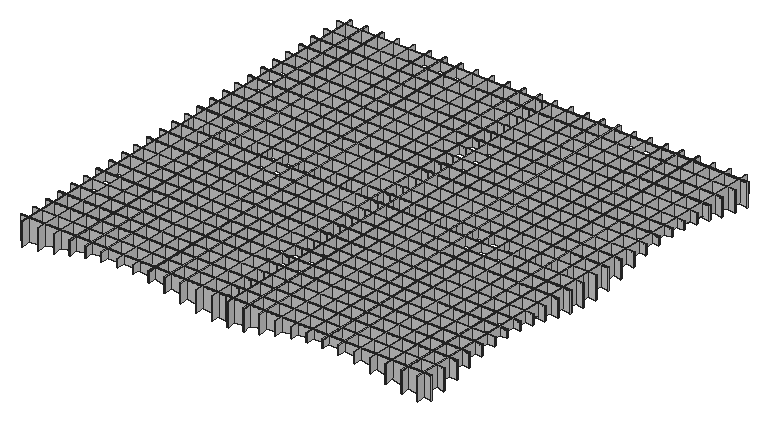
Revit family "CLD-WFL-002_RFA", category Modelos genéricos, Revit 2022 (continued)
Forms (in)
  Extrusion 301, solid
    sketch origin (108, 20.52778, 0) x (1, 0, 0) y (0, 0, 1)
      loop
        spline (103.61778, 3.27954) -> (103.98302, 3.22342) -> (104.34828, 3.16655) -> (104.71355, 3.10893) -> (105.07882, 3.05057) -> (105.44409, 2.99146) -> (105.80934, 2.93162) -> (106.17456, 2.87105) -> (106.53976, 2.80974) -> (106.9049, 2.74771) -> (107.27, 2.68496) -> (107.63504, 2.62148) -> (108, 2.55729)
        line (108, 2.55729) -> (108, 11.82144)
    from -0.47244 to 0
  Extrusion 302, solid
    sketch origin (108, 28.71867, 0) x (1, 0, 0) y (0, 0, 1)
      loop
        line (108, 11.82144) -> (0, 11.82144) -> (0, 4.58891)
        spline (0, 4.58891) -> (0.32561, 4.62796) -> (0.65129, 4.66617) -> (0.97702, 4.70353) -> (1.3028, 4.74004) -> (1.62862, 4.77569) -> (1.95447, 4.81048) -> (2.28035, 4.84439) -> (2.60624, 4.87743) -> (2.93213, 4.90957) -> (3.25803, 4.94083) -> (3.58391, 4.97119) -> (3.90978, 5.00064)
        spline (3.90978, 5.00064) -> (4.64427, 5.06081) -> (5.37851, 5.11675) -> (6.11244, 5.16838) -> (6.84597, 5.21566) -> (7.57904, 5.25851) -> (8.31157, 5.29688) -> (9.04348, 5.33072) -> (9.7747, 5.35995) -> (10.50516, 5.38452) -> (11.23478, 5.40437) -> (11.96349, 5.41944) -> (12.69122, 5.42966)
        spline (12.69122, 5.42966) -> (13.34952, 5.43128) -> (14.00673, 5.42829) -> (14.66285, 5.42076) -> (15.31792, 5.40886) -> (15.97202, 5.39278) -> (16.62518, 5.37269) -> (17.27747, 5.34877) -> (17.92894, 5.32119) -> (18.57965, 5.29014) -> (19.22966, 5.2558) -> (19.87902, 5.21833) -> (20.52778, 5.17793)
        spline (20.52778, 5.17793) -> (21.26115, 5.12722) -> (21.99402, 5.0737) -> (22.72645, 5.01759) -> (23.45851, 4.95908) -> (24.19025, 4.89838) -> (24.92176, 4.8357) -> (25.65308, 4.77124) -> (26.38429, 4.70521) -> (27.11544, 4.63782) -> (27.84661, 4.56926) -> (28.57785, 4.49975) -> (29.30922, 4.42949)
        spline (29.30922, 4.42949) -> (29.95995, 4.366) -> (30.61094, 4.30234) -> (31.26223, 4.2387) -> (31.91387, 4.17525) -> (32.56591, 4.11218) -> (33.21841, 4.04966) -> (33.87141, 3.98789) -> (34.52497, 3.92703) -> (35.17914, 3.86728) -> (35.83396, 3.80881) -> (36.48949, 3.75181) -> (37.14578, 3.69645)
        spline (37.14578, 3.69645) -> (37.87194, 3.63892) -> (38.59907, 3.58371) -> (39.32723, 3.53102) -> (40.05647, 3.48105) -> (40.78684, 3.43397) -> (41.51831, 3.38979) -> (42.25083, 3.34845) -> (42.98434, 3.30989) -> (43.7188, 3.27405) -> (44.45413, 3.24086) -> (45.19029, 3.21027) -> (45.92722, 3.18221)
        spline (45.92722, 3.18221) -> (46.57816, 3.16116) -> (47.22964, 3.14217) -> (47.88162, 3.12519) -> (48.53404, 3.11017) -> (49.18687, 3.09705) -> (49.84004, 3.08579) -> (50.49352, 3.07632) -> (51.14725, 3.06859) -> (51.80119, 3.06255) -> (52.45529, 3.05816) -> (53.1095, 3.05535) -> (53.76378, 3.05407)
        spline (53.76378, 3.05407) -> (54.49695, 3.0556) -> (55.23004, 3.05885) -> (55.96301, 3.06387) -> (56.6958, 3.07073) -> (57.42836, 3.07948) -> (58.16062, 3.09019) -> (58.89255, 3.10292) -> (59.62409, 3.11771) -> (60.35517, 3.13464) -> (61.08576, 3.15376) -> (61.81579, 3.17514) -> (62.54522, 3.19882)
        spline (62.54522, 3.19882) -> (63.20286, 3.22386) -> (63.85981, 3.25117) -> (64.51602, 3.28078) -> (65.17144, 3.31277) -> (65.82603, 3.34719) -> (66.47973, 3.38408) -> (67.1325, 3.42351) -> (67.78428, 3.46553) -> (68.43505, 3.51013) -> (69.08486, 3.55715) -> (69.73376, 3.60642) -> (70.38178, 3.65777)
        spline (70.38178, 3.65777) -> (71.1172, 3.71948) -> (71.85176, 3.78304) -> (72.58554, 3.84824) -> (73.31858, 3.91488) -> (74.05094, 3.98275) -> (74.78268, 4.05166) -> (75.51385, 4.12139) -> (76.24452, 4.19176) -> (76.97473, 4.26254) -> (77.70455, 4.33354) -> (78.43403, 4.40456) -> (79.16322, 4.47539)
        spline (79.16322, 4.47539) -> (79.80403, 4.53723) -> (80.44473, 4.59841) -> (81.08536, 4.65876) -> (81.72599, 4.7181) -> (82.36666, 4.77623) -> (83.00743, 4.83299) -> (83.64836, 4.88819) -> (84.28951, 4.94166) -> (84.93093, 4.9932) -> (85.57267, 5.04265) -> (86.21481, 5.08982) -> (86.85738, 5.13453)
        spline (86.85738, 5.13453) -> (87.59614, 5.18092) -> (88.33559, 5.22395) -> (89.07577, 5.26344) -> (89.81676, 5.29917) -> (90.55862, 5.33094) -> (91.30141, 5.35856) -> (92.04519, 5.38181) -> (92.79004, 5.4005) -> (93.53601, 5.41442) -> (94.28316, 5.42338) -> (95.03157, 5.42716) -> (95.78122, 5.4257)
        spline (95.78122, 5.4257) -> (96.43065, 5.41648) -> (97.08095, 5.40294) -> (97.73207, 5.38513) -> (98.38393, 5.36311) -> (99.03648, 5.33693) -> (99.68963, 5.30665) -> (100.34334, 5.27231) -> (100.99753, 5.23398) -> (101.65213, 5.19169) -> (102.30709, 5.14552) -> (102.96233, 5.09551) -> (103.61778, 5.04172)
        spline (103.61778, 5.04172) -> (103.98301, 5.00943) -> (104.34827, 4.97613) -> (104.71354, 4.94182) -> (105.07881, 4.90651) -> (105.44407, 4.8702) -> (105.80932, 4.83291) -> (106.17455, 4.79465) -> (106.53974, 4.75541) -> (106.90489, 4.71521) -> (107.26999, 4.67406) -> (107.63503, 4.63196) -> (108, 4.58891)
        line (108, 4.58891) -> (108, 11.82144)
    from -0.11811 to 0
  Extrusion 303, solid
    sketch origin (108, 28.83678, 0) x (1, 0, 0) y (0, 0, 1)
      loop
        line (108, 11.82144) -> (0, 11.82144) -> (0, 4.58891)
        spline (0, 4.58891) -> (0.32561, 4.62796) -> (0.65129, 4.66617) -> (0.97702, 4.70353) -> (1.3028, 4.74004) -> (1.62862, 4.77569) -> (1.95447, 4.81048) -> (2.28035, 4.84439) -> (2.60624, 4.87743) -> (2.93213, 4.90957) -> (3.25803, 4.94083) -> (3.58391, 4.97119) -> (3.90978, 5.00064)
        spline (3.90978, 5.00064) -> (4.64427, 5.06081) -> (5.37851, 5.11675) -> (6.11244, 5.16838) -> (6.84597, 5.21566) -> (7.57904, 5.25851) -> (8.31157, 5.29688) -> (9.04348, 5.33072) -> (9.7747, 5.35995) -> (10.50516, 5.38452) -> (11.23478, 5.40437) -> (11.96349, 5.41944) -> (12.69122, 5.42966)
        spline (12.69122, 5.42966) -> (13.34952, 5.43128) -> (14.00673, 5.42829) -> (14.66285, 5.42076) -> (15.31792, 5.40886) -> (15.97202, 5.39278) -> (16.62518, 5.37269) -> (17.27747, 5.34877) -> (17.92894, 5.32119) -> (18.57965, 5.29014) -> (19.22966, 5.2558) -> (19.87902, 5.21833) -> (20.52778, 5.17793)
        spline (20.52778, 5.17793) -> (21.26115, 5.12722) -> (21.99402, 5.0737) -> (22.72645, 5.01759) -> (23.45851, 4.95908) -> (24.19025, 4.89838) -> (24.92176, 4.8357) -> (25.65308, 4.77124) -> (26.38429, 4.70521) -> (27.11544, 4.63782) -> (27.84661, 4.56926) -> (28.57785, 4.49975) -> (29.30922, 4.42949)
        spline (29.30922, 4.42949) -> (29.95995, 4.366) -> (30.61094, 4.30234) -> (31.26223, 4.2387) -> (31.91387, 4.17525) -> (32.56591, 4.11218) -> (33.21841, 4.04966) -> (33.87141, 3.98789) -> (34.52497, 3.92703) -> (35.17914, 3.86728) -> (35.83396, 3.80881) -> (36.48949, 3.75181) -> (37.14578, 3.69645)
        spline (37.14578, 3.69645) -> (37.87194, 3.63892) -> (38.59907, 3.58371) -> (39.32723, 3.53102) -> (40.05647, 3.48105) -> (40.78684, 3.43397) -> (41.51831, 3.38979) -> (42.25083, 3.34845) -> (42.98434, 3.30989) -> (43.7188, 3.27405) -> (44.45413, 3.24086) -> (45.19029, 3.21027) -> (45.92722, 3.18221)
        spline (45.92722, 3.18221) -> (46.57816, 3.16116) -> (47.22964, 3.14217) -> (47.88162, 3.12519) -> (48.53404, 3.11017) -> (49.18687, 3.09705) -> (49.84004, 3.08579) -> (50.49352, 3.07632) -> (51.14725, 3.06859) -> (51.80119, 3.06255) -> (52.45529, 3.05816) -> (53.1095, 3.05535) -> (53.76378, 3.05407)
        spline (53.76378, 3.05407) -> (54.49695, 3.0556) -> (55.23004, 3.05885) -> (55.96301, 3.06387) -> (56.6958, 3.07073) -> (57.42836, 3.07948) -> (58.16062, 3.09019) -> (58.89255, 3.10292) -> (59.62409, 3.11771) -> (60.35517, 3.13464) -> (61.08576, 3.15376) -> (61.81579, 3.17514) -> (62.54522, 3.19882)
        spline (62.54522, 3.19882) -> (63.20286, 3.22386) -> (63.85981, 3.25117) -> (64.51602, 3.28078) -> (65.17144, 3.31277) -> (65.82603, 3.34719) -> (66.47973, 3.38408) -> (67.1325, 3.42351) -> (67.78428, 3.46553) -> (68.43505, 3.51013) -> (69.08486, 3.55715) -> (69.73376, 3.60642) -> (70.38178, 3.65777)
        spline (70.38178, 3.65777) -> (71.1172, 3.71948) -> (71.85176, 3.78304) -> (72.58554, 3.84824) -> (73.31858, 3.91488) -> (74.05094, 3.98275) -> (74.78268, 4.05166) -> (75.51385, 4.12139) -> (76.24452, 4.19176) -> (76.97473, 4.26254) -> (77.70455, 4.33354) -> (78.43403, 4.40456) -> (79.16322, 4.47539)
        spline (79.16322, 4.47539) -> (79.80403, 4.53723) -> (80.44473, 4.59841) -> (81.08536, 4.65876) -> (81.72599, 4.7181) -> (82.36666, 4.77623) -> (83.00743, 4.83299) -> (83.64836, 4.88819) -> (84.28951, 4.94166) -> (84.93093, 4.9932) -> (85.57267, 5.04265) -> (86.21481, 5.08982) -> (86.85738, 5.13453)
        spline (86.85738, 5.13453) -> (87.59614, 5.18092) -> (88.33559, 5.22395) -> (89.07577, 5.26344) -> (89.81676, 5.29917) -> (90.55862, 5.33094) -> (91.30141, 5.35856) -> (92.04519, 5.38181) -> (92.79004, 5.4005) -> (93.53601, 5.41442) -> (94.28316, 5.42338) -> (95.03157, 5.42716) -> (95.78122, 5.4257)
        spline (95.78122, 5.4257) -> (96.43065, 5.41648) -> (97.08095, 5.40294) -> (97.73207, 5.38513) -> (98.38393, 5.36311) -> (99.03648, 5.33693) -> (99.68963, 5.30665) -> (100.34334, 5.27231) -> (100.99753, 5.23398) -> (101.65213, 5.19169) -> (102.30709, 5.14552) -> (102.96233, 5.09551) -> (103.61778, 5.04172)
        spline (103.61778, 5.04172) -> (103.98301, 5.00943) -> (104.34827, 4.97613) -> (104.71354, 4.94182) -> (105.07881, 4.90651) -> (105.44407, 4.8702) -> (105.80932, 4.83291) -> (106.17455, 4.79465) -> (106.53974, 4.75541) -> (106.90489, 4.71521) -> (107.26999, 4.67406) -> (107.63503, 4.63196) -> (108, 4.58891)
        line (108, 4.58891) -> (108, 11.82144)
    from -0.47244 to 0
  Extrusion 304, solid
    sketch origin (108, 37.02767, 0) x (1, 0, 0) y (0, 0, 1)
      loop
        line (108, 11.82144) -> (0, 11.82144) -> (0, 6.40455)
        spline (0, 6.40455) -> (0.32561, 6.42139) -> (0.65129, 6.43729) -> (0.97702, 6.45226) -> (1.3028, 6.46628) -> (1.62862, 6.47935) -> (1.95447, 6.49146) -> (2.28035, 6.50259) -> (2.60624, 6.51274) -> (2.93213, 6.52189) -> (3.25803, 6.53005) -> (3.58391, 6.5372) -> (3.90978, 6.54334)
        spline (3.90978, 6.54334) -> (4.64427, 6.55011) -> (5.37852, 6.55208) -> (6.11244, 6.54917) -> (6.84598, 6.5413) -> (7.57905, 6.52839) -> (8.31157, 6.51035) -> (9.04349, 6.4871) -> (9.77471, 6.45856) -> (10.50517, 6.42465) -> (11.23479, 6.38528) -> (11.9635, 6.34038) -> (12.69122, 6.28985)
        spline (12.69122, 6.28985) -> (13.34952, 6.23514) -> (14.00673, 6.17505) -> (14.66285, 6.10968) -> (15.31792, 6.03926) -> (15.97202, 5.96405) -> (16.62518, 5.88427) -> (17.27747, 5.80017) -> (17.92894, 5.712) -> (18.57965, 5.62) -> (19.22966, 5.52441) -> (19.87902, 5.42547) -> (20.52778, 5.32343)
        spline (20.52778, 5.32343) -> (21.26115, 5.20293) -> (21.99402, 5.07965) -> (22.72645, 4.95385) -> (23.4585, 4.82583) -> (24.19025, 4.69586) -> (24.92176, 4.56423) -> (25.65308, 4.43121) -> (26.38429, 4.29709) -> (27.11544, 4.16214) -> (27.84661, 4.02665) -> (28.57785, 3.8909) -> (29.30922, 3.75516)
        spline (29.30922, 3.75516) -> (29.95995, 3.63466) -> (30.61094, 3.51485) -> (31.26223, 3.39599) -> (31.91387, 3.2783) -> (32.56591, 3.16206) -> (33.21841, 3.04749) -> (33.87141, 2.93486) -> (34.52497, 2.8244) -> (35.17914, 2.71637) -> (35.83396, 2.61101) -> (36.48949, 2.50857) -> (37.14578, 2.4093)
        spline (37.14578, 2.4093) -> (37.87194, 2.30632) -> (38.59907, 2.20751) -> (39.32723, 2.11315) -> (40.05647, 2.02349) -> (40.78684, 1.93878) -> (41.51831, 1.85902) -> (42.25083, 1.78415) -> (42.98434, 1.71406) -> (43.71879, 1.64869) -> (44.45413, 1.58794) -> (45.19029, 1.53174) -> (45.92722, 1.47999)
        spline (45.92722, 1.47999) -> (46.57816, 1.44092) -> (47.22964, 1.40553) -> (47.88162, 1.37376) -> (48.53404, 1.34552) -> (49.18687, 1.32076) -> (49.84004, 1.2994) -> (50.49352, 1.28136) -> (51.14725, 1.26658) -> (51.80119, 1.25497) -> (52.45529, 1.24648) -> (53.1095, 1.24101) -> (53.76378, 1.23852)
        spline (53.76378, 1.23852) -> (54.49695, 1.24145) -> (55.23005, 1.2477) -> (55.96302, 1.25736) -> (56.69581, 1.2705) -> (57.42836, 1.2872) -> (58.16063, 1.30755) -> (58.89256, 1.33163) -> (59.62409, 1.35951) -> (60.35518, 1.39128) -> (61.08577, 1.42702) -> (61.8158, 1.46681) -> (62.54522, 1.51073)
        spline (62.54522, 1.51073) -> (63.20286, 1.5569) -> (63.85981, 1.60706) -> (64.51602, 1.66127) -> (65.17144, 1.7196) -> (65.82603, 1.78214) -> (66.47973, 1.84896) -> (67.1325, 1.92013) -> (67.78428, 1.99572) -> (68.43505, 2.07573) -> (69.08486, 2.15994) -> (69.73376, 2.24811) -> (70.38178, 2.34001)
        spline (70.38178, 2.34001) -> (71.11719, 2.45082) -> (71.85175, 2.56518) -> (72.58552, 2.6828) -> (73.31856, 2.80343) -> (74.05092, 2.92677) -> (74.78266, 3.05256) -> (75.51384, 3.1805) -> (76.2445, 3.31033) -> (76.97472, 3.44177) -> (77.70454, 3.57454) -> (78.43402, 3.70836) -> (79.16322, 3.84296)
        spline (79.16322, 3.84296) -> (79.81589, 3.96449) -> (80.46845, 4.08604) -> (81.12094, 4.20735) -> (81.77342, 4.32817) -> (82.42595, 4.44826) -> (83.07858, 4.56736) -> (83.73137, 4.68523) -> (84.38439, 4.80161) -> (85.03768, 4.91625) -> (85.6913, 5.02891) -> (86.34531, 5.13933) -> (86.99978, 5.24726)
        spline (86.99978, 5.24726) -> (87.72678, 5.36123) -> (88.45444, 5.47173) -> (89.18283, 5.57848) -> (89.91201, 5.68121) -> (90.64203, 5.77964) -> (91.37298, 5.87351) -> (92.10489, 5.96254) -> (92.83785, 6.04646) -> (93.5719, 6.125) -> (94.30712, 6.19789) -> (95.04356, 6.26486) -> (95.78122, 6.32579)
        spline (95.78122, 6.32579) -> (96.46987, 6.37175) -> (97.15943, 6.41238) -> (97.84985, 6.44778) -> (98.54104, 6.47801) -> (99.23294, 6.50316) -> (99.92548, 6.5233) -> (100.61859, 6.53851) -> (101.3122, 6.54886) -> (102.00624, 6.55445) -> (102.70063, 6.55534) -> (103.39532, 6.55161) -> (104.09022, 6.54334)
        spline (104.09022, 6.54334) -> (104.41609, 6.5372) -> (104.74197, 6.53005) -> (105.06787, 6.52189) -> (105.39376, 6.51274) -> (105.71965, 6.50259) -> (106.04553, 6.49146) -> (106.37138, 6.47935) -> (106.6972, 6.46628) -> (107.02298, 6.45226) -> (107.34871, 6.43729) -> (107.67439, 6.42139) -> (108, 6.40455)
        line (108, 6.40455) -> (108, 11.82144)
    from -0.11811 to 0
  Extrusion 305, solid
    sketch origin (108, 37.14578, 0) x (1, 0, 0) y (0, 0, 1)
      loop
        line (108, 11.82144) -> (0, 11.82144) -> (0, 6.40455)
        spline (0, 6.40455) -> (0.32561, 6.42139) -> (0.65129, 6.43729) -> (0.97702, 6.45226) -> (1.3028, 6.46628) -> (1.62862, 6.47935) -> (1.95447, 6.49146) -> (2.28035, 6.50259) -> (2.60624, 6.51274) -> (2.93213, 6.52189) -> (3.25803, 6.53005) -> (3.58391, 6.5372) -> (3.90978, 6.54334)
        spline (3.90978, 6.54334) -> (4.64427, 6.55011) -> (5.37852, 6.55208) -> (6.11244, 6.54917) -> (6.84598, 6.5413) -> (7.57905, 6.52839) -> (8.31157, 6.51035) -> (9.04349, 6.4871) -> (9.77471, 6.45856) -> (10.50517, 6.42465) -> (11.23479, 6.38528) -> (11.9635, 6.34038) -> (12.69122, 6.28985)
        spline (12.69122, 6.28985) -> (13.34952, 6.23514) -> (14.00673, 6.17505) -> (14.66285, 6.10968) -> (15.31792, 6.03926) -> (15.97202, 5.96405) -> (16.62518, 5.88427) -> (17.27747, 5.80017) -> (17.92894, 5.712) -> (18.57965, 5.62) -> (19.22966, 5.52441) -> (19.87902, 5.42547) -> (20.52778, 5.32343)
        spline (20.52778, 5.32343) -> (21.26115, 5.20293) -> (21.99402, 5.07965) -> (22.72645, 4.95385) -> (23.4585, 4.82583) -> (24.19025, 4.69586) -> (24.92176, 4.56423) -> (25.65308, 4.43121) -> (26.38429, 4.29709) -> (27.11544, 4.16214) -> (27.84661, 4.02665) -> (28.57785, 3.8909) -> (29.30922, 3.75516)
        spline (29.30922, 3.75516) -> (29.95995, 3.63466) -> (30.61094, 3.51485) -> (31.26223, 3.39599) -> (31.91387, 3.2783) -> (32.56591, 3.16206) -> (33.21841, 3.04749) -> (33.87141, 2.93486) -> (34.52497, 2.8244) -> (35.17914, 2.71637) -> (35.83396, 2.61101) -> (36.48949, 2.50857) -> (37.14578, 2.4093)
        spline (37.14578, 2.4093) -> (37.87194, 2.30632) -> (38.59907, 2.20751) -> (39.32723, 2.11315) -> (40.05647, 2.02349) -> (40.78684, 1.93878) -> (41.51831, 1.85902) -> (42.25083, 1.78415) -> (42.98434, 1.71406) -> (43.71879, 1.64869) -> (44.45413, 1.58794) -> (45.19029, 1.53174) -> (45.92722, 1.47999)
        spline (45.92722, 1.47999) -> (46.57816, 1.44092) -> (47.22964, 1.40553) -> (47.88162, 1.37376) -> (48.53404, 1.34552) -> (49.18687, 1.32076) -> (49.84004, 1.2994) -> (50.49352, 1.28136) -> (51.14725, 1.26658) -> (51.80119, 1.25497) -> (52.45529, 1.24648) -> (53.1095, 1.24101) -> (53.76378, 1.23852)
        spline (53.76378, 1.23852) -> (54.49695, 1.24145) -> (55.23005, 1.2477) -> (55.96302, 1.25736) -> (56.69581, 1.2705) -> (57.42836, 1.2872) -> (58.16063, 1.30755) -> (58.89256, 1.33163) -> (59.62409, 1.35951) -> (60.35518, 1.39128) -> (61.08577, 1.42702) -> (61.8158, 1.46681) -> (62.54522, 1.51073)
        spline (62.54522, 1.51073) -> (63.20286, 1.5569) -> (63.85981, 1.60706) -> (64.51602, 1.66127) -> (65.17144, 1.7196) -> (65.82603, 1.78214) -> (66.47973, 1.84896) -> (67.1325, 1.92013) -> (67.78428, 1.99572) -> (68.43505, 2.07573) -> (69.08486, 2.15994) -> (69.73376, 2.24811) -> (70.38178, 2.34001)
        spline (70.38178, 2.34001) -> (71.11719, 2.45082) -> (71.85175, 2.56518) -> (72.58552, 2.6828) -> (73.31856, 2.80343) -> (74.05092, 2.92677) -> (74.78266, 3.05256) -> (75.51384, 3.1805) -> (76.2445, 3.31033) -> (76.97472, 3.44177) -> (77.70454, 3.57454) -> (78.43402, 3.70836) -> (79.16322, 3.84296)
        spline (79.16322, 3.84296) -> (79.81589, 3.96449) -> (80.46845, 4.08604) -> (81.12094, 4.20735) -> (81.77342, 4.32817) -> (82.42595, 4.44826) -> (83.07858, 4.56736) -> (83.73137, 4.68523) -> (84.38439, 4.80161) -> (85.03768, 4.91625) -> (85.6913, 5.02891) -> (86.34531, 5.13933) -> (86.99978, 5.24726)
        spline (86.99978, 5.24726) -> (87.72678, 5.36123) -> (88.45444, 5.47173) -> (89.18283, 5.57848) -> (89.91201, 5.68121) -> (90.64203, 5.77964) -> (91.37298, 5.87351) -> (92.10489, 5.96254) -> (92.83785, 6.04646) -> (93.5719, 6.125) -> (94.30712, 6.19789) -> (95.04356, 6.26486) -> (95.78122, 6.32579)
        spline (95.78122, 6.32579) -> (96.46987, 6.37175) -> (97.15943, 6.41238) -> (97.84985, 6.44778) -> (98.54104, 6.47801) -> (99.23294, 6.50316) -> (99.92548, 6.5233) -> (100.61859, 6.53851) -> (101.3122, 6.54886) -> (102.00624, 6.55445) -> (102.70063, 6.55534) -> (103.39532, 6.55161) -> (104.09022, 6.54334)
        spline (104.09022, 6.54334) -> (104.41609, 6.5372) -> (104.74197, 6.53005) -> (105.06787, 6.52189) -> (105.39376, 6.51274) -> (105.71965, 6.50259) -> (106.04553, 6.49146) -> (106.37138, 6.47935) -> (106.6972, 6.46628) -> (107.02298, 6.45226) -> (107.34871, 6.43729) -> (107.67439, 6.42139) -> (108, 6.40455)
        line (108, 6.40455) -> (108, 11.82144)
    from -0.47244 to 0
  Extrusion 306, solid
    sketch origin (108, 45.33667, 0) x (1, 0, 0) y (0, 0, 1)
      loop
        line (108, 11.82144) -> (0, 11.82144) -> (0, 7.49745)
        spline (0, 7.49745) -> (0.32561, 7.50061) -> (0.65129, 7.5028) -> (0.97702, 7.504) -> (1.3028, 7.50421) -> (1.62862, 7.5034) -> (1.95447, 7.50158) -> (2.28035, 7.49874) -> (2.60624, 7.49485) -> (2.93213, 7.48991) -> (3.25803, 7.48392) -> (3.58391, 7.47685) -> (3.90978, 7.46871)
        spline (3.90978, 7.46871) -> (4.64427, 7.44283) -> (5.37852, 7.41184) -> (6.11245, 7.37564) -> (6.84598, 7.33415) -> (7.57905, 7.28726) -> (8.31158, 7.23488) -> (9.04349, 7.17692) -> (9.77471, 7.11327) -> (10.50517, 7.04386) -> (11.23479, 6.96857) -> (11.9635, 6.88732) -> (12.69122, 6.80001)
        spline (12.69122, 6.80001) -> (13.34456, 6.71191) -> (13.99682, 6.61804) -> (14.64799, 6.5185) -> (15.29813, 6.41358) -> (15.94729, 6.30354) -> (16.59553, 6.18867) -> (17.2429, 6.06925) -> (17.88946, 5.94556) -> (18.53527, 5.81787) -> (19.18038, 5.68647) -> (19.82484, 5.55162) -> (20.46871, 5.41362)
        spline (20.46871, 5.41362) -> (21.20701, 5.25043) -> (21.94481, 5.08446) -> (22.68216, 4.91603) -> (23.41914, 4.74548) -> (24.15581, 4.57314) -> (24.89224, 4.39932) -> (25.62848, 4.22436) -> (26.36461, 4.04857) -> (27.10068, 3.8723) -> (27.83677, 3.69586) -> (28.57293, 3.51959) -> (29.30922, 3.3438)
        spline (29.30922, 3.3438) -> (29.95995, 3.18922) -> (30.61094, 3.03586) -> (31.26223, 2.884) -> (31.91387, 2.73392) -> (32.56591, 2.58591) -> (33.21841, 2.44027) -> (33.87141, 2.29726) -> (34.52497, 2.15719) -> (35.17914, 2.02034) -> (35.83396, 1.88699) -> (36.48949, 1.75744) -> (37.14578, 1.63196)
        spline (37.14578, 1.63196) -> (37.87194, 1.50186) -> (38.59907, 1.37703) -> (39.32723, 1.25779) -> (40.05647, 1.14445) -> (40.78684, 1.03728) -> (41.51831, 0.93629) -> (42.25083, 0.84139) -> (42.98434, 0.75249) -> (43.71879, 0.66948) -> (44.45413, 0.59228) -> (45.19029, 0.52078) -> (45.92722, 0.45488)
        spline (45.92722, 0.45488) -> (46.57816, 0.40504) -> (47.22964, 0.35985) -> (47.88162, 0.31924) -> (48.53404, 0.28312) -> (49.18687, 0.2514) -> (49.84004, 0.224) -> (50.49352, 0.20084) -> (51.14725, 0.18183) -> (51.80119, 0.1669) -> (52.45529, 0.15595) -> (53.1095, 0.14891) -> (53.76378, 0.14568)
        spline (53.76378, 0.14568) -> (54.49695, 0.14945) -> (55.23005, 0.1575) -> (55.96302, 0.16993) -> (56.69581, 0.18682) -> (57.42837, 0.20828) -> (58.16064, 0.23439) -> (58.89257, 0.26525) -> (59.6241, 0.30095) -> (60.35518, 0.34158) -> (61.08577, 0.38725) -> (61.8158, 0.43804) -> (62.54522, 0.49405)
        spline (62.54522, 0.49405) -> (63.20286, 0.55285) -> (63.85981, 0.61666) -> (64.51602, 0.68555) -> (65.17144, 0.75961) -> (65.82603, 0.83894) -> (66.47973, 0.92362) -> (67.1325, 1.01374) -> (67.78428, 1.10938) -> (68.43505, 1.21052) -> (69.08486, 1.31692) -> (69.73376, 1.42831) -> (70.38178, 1.54441)
        spline (70.38178, 1.54441) -> (71.11719, 1.68452) -> (71.85174, 1.82919) -> (72.58551, 1.97812) -> (73.31855, 2.13097) -> (74.05091, 2.28743) -> (74.78265, 2.44718) -> (75.51383, 2.60988) -> (76.24449, 2.77524) -> (76.97471, 2.94291) -> (77.70453, 3.11258) -> (78.43402, 3.28394) -> (79.16322, 3.45665)
        spline (79.16322, 3.45665) -> (79.81589, 3.61318) -> (80.46845, 3.77015) -> (81.12094, 3.92726) -> (81.77342, 4.08422) -> (82.42595, 4.24075) -> (83.07858, 4.39655) -> (83.73137, 4.55134) -> (84.38439, 4.70482) -> (85.03768, 4.85671) -> (85.6913, 5.00672) -> (86.34531, 5.15455) -> (86.99978, 5.29992)
        spline (86.99978, 5.29992) -> (87.72678, 5.4553) -> (88.45445, 5.60712) -> (89.18284, 5.75506) -> (89.91202, 5.8988) -> (90.64204, 6.03803) -> (91.37299, 6.17243) -> (92.1049, 6.3017) -> (92.83786, 6.42551) -> (93.57191, 6.54354) -> (94.30712, 6.6555) -> (95.04356, 6.76106) -> (95.78122, 6.8601)
        spline (95.78122, 6.8601) -> (96.43065, 6.93786) -> (97.08095, 7.01021) -> (97.73207, 7.07724) -> (98.38393, 7.13903) -> (99.03648, 7.19567) -> (99.68963, 7.24723) -> (100.34334, 7.29382) -> (100.99753, 7.33551) -> (101.65213, 7.37238) -> (102.30709, 7.40452) -> (102.96233, 7.43202) -> (103.61778, 7.45496)
        spline (103.61778, 7.45496) -> (103.98301, 7.46494) -> (104.34826, 7.47372) -> (104.71353, 7.4813) -> (105.0788, 7.48768) -> (105.44406, 7.4929) -> (105.80931, 7.49695) -> (106.17454, 7.49984) -> (106.53973, 7.5016) -> (106.90488, 7.50223) -> (107.26998, 7.50173) -> (107.63503, 7.50014) -> (108, 7.49745)
        line (108, 7.49745) -> (108, 11.82144)
    from -0.11811 to 0
  Extrusion 307, solid
    sketch origin (108, 45.45478, 0) x (1, 0, 0) y (0, 0, 1)
      loop
        line (108, 11.82144) -> (0, 11.82144) -> (0, 7.49745)
        spline (0, 7.49745) -> (0.32561, 7.50061) -> (0.65129, 7.5028) -> (0.97702, 7.504) -> (1.3028, 7.50421) -> (1.62862, 7.5034) -> (1.95447, 7.50158) -> (2.28035, 7.49874) -> (2.60624, 7.49485) -> (2.93213, 7.48991) -> (3.25803, 7.48392) -> (3.58391, 7.47685) -> (3.90978, 7.46871)
        spline (3.90978, 7.46871) -> (4.64427, 7.44283) -> (5.37852, 7.41184) -> (6.11245, 7.37564) -> (6.84598, 7.33415) -> (7.57905, 7.28726) -> (8.31158, 7.23488) -> (9.04349, 7.17692) -> (9.77471, 7.11327) -> (10.50517, 7.04386) -> (11.23479, 6.96857) -> (11.9635, 6.88732) -> (12.69122, 6.80001)
        spline (12.69122, 6.80001) -> (13.34456, 6.71191) -> (13.99682, 6.61804) -> (14.64799, 6.5185) -> (15.29813, 6.41358) -> (15.94729, 6.30354) -> (16.59553, 6.18867) -> (17.2429, 6.06925) -> (17.88946, 5.94556) -> (18.53527, 5.81787) -> (19.18038, 5.68647) -> (19.82484, 5.55162) -> (20.46871, 5.41362)
        spline (20.46871, 5.41362) -> (21.20701, 5.25043) -> (21.94481, 5.08446) -> (22.68216, 4.91603) -> (23.41914, 4.74548) -> (24.15581, 4.57314) -> (24.89224, 4.39932) -> (25.62848, 4.22436) -> (26.36461, 4.04857) -> (27.10068, 3.8723) -> (27.83677, 3.69586) -> (28.57293, 3.51959) -> (29.30922, 3.3438)
        spline (29.30922, 3.3438) -> (29.95995, 3.18922) -> (30.61094, 3.03586) -> (31.26223, 2.884) -> (31.91387, 2.73392) -> (32.56591, 2.58591) -> (33.21841, 2.44027) -> (33.87141, 2.29726) -> (34.52497, 2.15719) -> (35.17914, 2.02034) -> (35.83396, 1.88699) -> (36.48949, 1.75744) -> (37.14578, 1.63196)
        spline (37.14578, 1.63196) -> (37.87194, 1.50186) -> (38.59907, 1.37703) -> (39.32723, 1.25779) -> (40.05647, 1.14445) -> (40.78684, 1.03728) -> (41.51831, 0.93629) -> (42.25083, 0.84139) -> (42.98434, 0.75249) -> (43.71879, 0.66948) -> (44.45413, 0.59228) -> (45.19029, 0.52078) -> (45.92722, 0.45488)
        spline (45.92722, 0.45488) -> (46.57816, 0.40504) -> (47.22964, 0.35985) -> (47.88162, 0.31924) -> (48.53404, 0.28312) -> (49.18687, 0.2514) -> (49.84004, 0.224) -> (50.49352, 0.20084) -> (51.14725, 0.18183) -> (51.80119, 0.1669) -> (52.45529, 0.15595) -> (53.1095, 0.14891) -> (53.76378, 0.14568)
        spline (53.76378, 0.14568) -> (54.49695, 0.14945) -> (55.23005, 0.1575) -> (55.96302, 0.16993) -> (56.69581, 0.18682) -> (57.42837, 0.20828) -> (58.16064, 0.23439) -> (58.89257, 0.26525) -> (59.6241, 0.30095) -> (60.35518, 0.34158) -> (61.08577, 0.38725) -> (61.8158, 0.43804) -> (62.54522, 0.49405)
        spline (62.54522, 0.49405) -> (63.20286, 0.55285) -> (63.85981, 0.61666) -> (64.51602, 0.68555) -> (65.17144, 0.75961) -> (65.82603, 0.83894) -> (66.47973, 0.92362) -> (67.1325, 1.01374) -> (67.78428, 1.10938) -> (68.43505, 1.21052) -> (69.08486, 1.31692) -> (69.73376, 1.42831) -> (70.38178, 1.54441)
        spline (70.38178, 1.54441) -> (71.11719, 1.68452) -> (71.85174, 1.82919) -> (72.58551, 1.97812) -> (73.31855, 2.13097) -> (74.05091, 2.28743) -> (74.78265, 2.44718) -> (75.51383, 2.60988) -> (76.24449, 2.77524) -> (76.97471, 2.94291) -> (77.70453, 3.11258) -> (78.43402, 3.28394) -> (79.16322, 3.45665)
        spline (79.16322, 3.45665) -> (79.81589, 3.61318) -> (80.46845, 3.77015) -> (81.12094, 3.92726) -> (81.77342, 4.08422) -> (82.42595, 4.24075) -> (83.07858, 4.39655) -> (83.73137, 4.55134) -> (84.38439, 4.70482) -> (85.03768, 4.85671) -> (85.6913, 5.00672) -> (86.34531, 5.15455) -> (86.99978, 5.29992)
        spline (86.99978, 5.29992) -> (87.72678, 5.4553) -> (88.45445, 5.60712) -> (89.18284, 5.75506) -> (89.91202, 5.8988) -> (90.64204, 6.03803) -> (91.37299, 6.17243) -> (92.1049, 6.3017) -> (92.83786, 6.42551) -> (93.57191, 6.54354) -> (94.30712, 6.6555) -> (95.04356, 6.76106) -> (95.78122, 6.8601)
        spline (95.78122, 6.8601) -> (96.43065, 6.93786) -> (97.08095, 7.01021) -> (97.73207, 7.07724) -> (98.38393, 7.13903) -> (99.03648, 7.19567) -> (99.68963, 7.24723) -> (100.34334, 7.29382) -> (100.99753, 7.33551) -> (101.65213, 7.37238) -> (102.30709, 7.40452) -> (102.96233, 7.43202) -> (103.61778, 7.45496)
        spline (103.61778, 7.45496) -> (103.98301, 7.46494) -> (104.34826, 7.47372) -> (104.71353, 7.4813) -> (105.0788, 7.48768) -> (105.44406, 7.4929) -> (105.80931, 7.49695) -> (106.17454, 7.49984) -> (106.53973, 7.5016) -> (106.90488, 7.50223) -> (107.26998, 7.50173) -> (107.63503, 7.50014) -> (108, 7.49745)
        line (108, 7.49745) -> (108, 11.82144)
    from -0.47244 to 0
  Extrusion 308, solid
    sketch origin (108, 53.64567, 0) x (1, 0, 0) y (0, 0, 1)
      loop
        line (108, 11.82144) -> (0, 11.82144) -> (0, 7.82144)
        spline (0, 7.82144) -> (0.32561, 7.82095) -> (0.65129, 7.81946) -> (0.97702, 7.81696) -> (1.3028, 7.81344) -> (1.62862, 7.80889) -> (1.95447, 7.8033) -> (2.28035, 7.79666) -> (2.60624, 7.78896) -> (2.93213, 7.78018) -> (3.25803, 7.77032) -> (3.58391, 7.75937) -> (3.90978, 7.74731)
        spline (3.90978, 7.74731) -> (4.64427, 7.71242) -> (5.37852, 7.6723) -> (6.11245, 7.62684) -> (6.84598, 7.57595) -> (7.57905, 7.51952) -> (8.31158, 7.45747) -> (9.04349, 7.38968) -> (9.77471, 7.31607) -> (10.50517, 7.23653) -> (11.23479, 7.15095) -> (11.9635, 7.05926) -> (12.69122, 6.96133)
        spline (12.69122, 6.96133) -> (13.34952, 6.86267) -> (14.00673, 6.75803) -> (14.66285, 6.64752) -> (15.31792, 6.53144) -> (15.97202, 6.41007) -> (16.62518, 6.28371) -> (17.27747, 6.15266) -> (17.92894, 6.0172) -> (18.57965, 5.87763) -> (19.22966, 5.73424) -> (19.87902, 5.58733) -> (20.52778, 5.43719)
        spline (20.52778, 5.43719) -> (21.26115, 5.26223) -> (21.99402, 5.08449) -> (22.72645, 4.90432) -> (23.4585, 4.72204) -> (24.19025, 4.53802) -> (24.92176, 4.35257) -> (25.65308, 4.16604) -> (26.38429, 3.97878) -> (27.11545, 3.79111) -> (27.84661, 3.60337) -> (28.57785, 3.41592) -> (29.30922, 3.22908)
        spline (29.30922, 3.22908) -> (29.95995, 3.06408) -> (30.61094, 2.90045) -> (31.26223, 2.73848) -> (31.91387, 2.57847) -> (32.56591, 2.42072) -> (33.21841, 2.26553) -> (33.87141, 2.1132) -> (34.52497, 1.96402) -> (35.17914, 1.81831) -> (35.83396, 1.67635) -> (36.48949, 1.53845) -> (37.14578, 1.4049)
        spline (37.14578, 1.4049) -> (37.87194, 1.26645) -> (38.59907, 1.13361) -> (39.32723, 1.00672) -> (40.05647, 0.88609) -> (40.78684, 0.772) -> (41.51831, 0.66448) -> (42.25083, 0.56343) -> (42.98434, 0.46874) -> (43.71879, 0.38032) -> (44.45413, 0.29806) -> (45.19029, 0.22187) -> (45.92722, 0.15163)
        spline (45.92722, 0.15163) -> (46.57816, 0.09849) -> (47.22964, 0.0503) -> (47.88162, 0.00698) -> (48.53404, -0.03156) -> (49.18687, -0.06541) -> (49.84004, -0.09465) -> (50.49352, -0.11938) -> (51.14725, -0.13967) -> (51.80119, -0.15563) -> (52.45529, -0.16732) -> (53.1095, -0.17485) -> (53.76378, -0.1783)
        spline (53.76378, -0.1783) -> (54.49695, -0.17427) -> (55.23005, -0.16567) -> (55.96302, -0.1524) -> (56.69581, -0.13436) -> (57.42837, -0.11145) -> (58.16064, -0.08358) -> (58.89257, -0.05065) -> (59.6241, -0.01255) -> (60.35519, 0.0308) -> (61.08577, 0.07951) -> (61.8158, 0.13367) -> (62.54522, 0.19339)
        spline (62.54522, 0.19339) -> (63.20286, 0.25606) -> (63.85981, 0.32405) -> (64.51602, 0.39745) -> (65.17144, 0.47635) -> (65.82603, 0.56084) -> (66.47973, 0.65101) -> (67.1325, 0.74696) -> (67.78428, 0.84876) -> (68.43505, 0.95641) -> (69.08486, 1.06964) -> (69.73376, 1.18818) -> (70.38178, 1.31173)
        spline (70.38178, 1.31173) -> (71.11718, 1.46086) -> (71.85174, 1.61486) -> (72.58551, 1.77342) -> (73.31855, 1.93618) -> (74.05091, 2.10281) -> (74.78265, 2.27299) -> (75.51382, 2.44637) -> (76.24449, 2.62262) -> (76.97471, 2.8014) -> (77.70453, 2.98238) -> (78.43402, 3.16522) -> (79.16322, 3.34958)
        spline (79.16322, 3.34958) -> (79.81589, 3.5168) -> (80.46845, 3.68457) -> (81.12094, 3.85259) -> (81.77342, 4.02055) -> (82.42595, 4.18815) -> (83.07858, 4.35509) -> (83.73137, 4.52107) -> (84.38439, 4.68578) -> (85.03768, 4.84892) -> (85.6913, 5.01019) -> (86.34531, 5.16929) -> (86.99978, 5.32592)
        spline (86.99978, 5.32592) -> (87.72678, 5.49371) -> (88.45445, 5.65788) -> (89.18284, 5.8181) -> (89.91202, 5.97405) -> (90.64205, 6.12539) -> (91.37299, 6.27179) -> (92.10491, 6.41294) -> (92.83786, 6.54849) -> (93.57191, 6.67812) -> (94.30713, 6.8015) -> (95.04356, 6.9183) -> (95.78122, 7.02841)
        spline (95.78122, 7.02841) -> (96.43065, 7.11563) -> (97.08095, 7.1973) -> (97.73207, 7.2735) -> (98.38393, 7.34432) -> (99.03648, 7.40985) -> (99.68963, 7.47018) -> (100.34334, 7.52539) -> (100.99753, 7.57558) -> (101.65213, 7.62083) -> (102.30709, 7.66123) -> (102.96233, 7.69687) -> (103.61778, 7.72784)
        spline (103.61778, 7.72784) -> (103.98301, 7.74223) -> (104.34826, 7.75539) -> (104.71352, 7.76731) -> (105.07879, 7.77803) -> (105.44406, 7.78753) -> (105.80931, 7.79585) -> (106.17453, 7.80299) -> (106.53973, 7.80897) -> (106.90488, 7.81379) -> (107.26998, 7.81746) -> (107.63503, 7.82001) -> (108, 7.82144)
        line (108, 7.82144) -> (108, 11.82144)
    from -0.11811 to 0
  Extrusion 309, solid
    sketch origin (108, 53.76378, 0) x (1, 0, 0) y (0, 0, 1)
      loop
        line (108, 11.82144) -> (0, 11.82144) -> (0, 7.82144)
        spline (0, 7.82144) -> (0.32561, 7.82095) -> (0.65129, 7.81946) -> (0.97702, 7.81696) -> (1.3028, 7.81344) -> (1.62862, 7.80889) -> (1.95447, 7.8033) -> (2.28035, 7.79666) -> (2.60624, 7.78896) -> (2.93213, 7.78018) -> (3.25803, 7.77032) -> (3.58391, 7.75937) -> (3.90978, 7.74731)
        spline (3.90978, 7.74731) -> (4.64427, 7.71242) -> (5.37852, 7.6723) -> (6.11245, 7.62684) -> (6.84598, 7.57595) -> (7.57905, 7.51952) -> (8.31158, 7.45747) -> (9.04349, 7.38968) -> (9.77471, 7.31607) -> (10.50517, 7.23653) -> (11.23479, 7.15095) -> (11.9635, 7.05926) -> (12.69122, 6.96133)
        spline (12.69122, 6.96133) -> (13.34952, 6.86267) -> (14.00673, 6.75803) -> (14.66285, 6.64752) -> (15.31792, 6.53144) -> (15.97202, 6.41007) -> (16.62518, 6.28371) -> (17.27747, 6.15266) -> (17.92894, 6.0172) -> (18.57965, 5.87763) -> (19.22966, 5.73424) -> (19.87902, 5.58733) -> (20.52778, 5.43719)
        spline (20.52778, 5.43719) -> (21.26115, 5.26223) -> (21.99402, 5.08449) -> (22.72645, 4.90432) -> (23.4585, 4.72204) -> (24.19025, 4.53802) -> (24.92176, 4.35257) -> (25.65308, 4.16604) -> (26.38429, 3.97878) -> (27.11545, 3.79111) -> (27.84661, 3.60337) -> (28.57785, 3.41592) -> (29.30922, 3.22908)
        spline (29.30922, 3.22908) -> (29.95995, 3.06408) -> (30.61094, 2.90045) -> (31.26223, 2.73848) -> (31.91387, 2.57847) -> (32.56591, 2.42072) -> (33.21841, 2.26553) -> (33.87141, 2.1132) -> (34.52497, 1.96402) -> (35.17914, 1.81831) -> (35.83396, 1.67635) -> (36.48949, 1.53845) -> (37.14578, 1.4049)
        spline (37.14578, 1.4049) -> (37.87194, 1.26645) -> (38.59907, 1.13361) -> (39.32723, 1.00672) -> (40.05647, 0.88609) -> (40.78684, 0.772) -> (41.51831, 0.66448) -> (42.25083, 0.56343) -> (42.98434, 0.46874) -> (43.71879, 0.38032) -> (44.45413, 0.29806) -> (45.19029, 0.22187) -> (45.92722, 0.15163)
        spline (45.92722, 0.15163) -> (46.57816, 0.09849) -> (47.22964, 0.0503) -> (47.88162, 0.00698) -> (48.53404, -0.03156) -> (49.18687, -0.06541) -> (49.84004, -0.09465) -> (50.49352, -0.11938) -> (51.14725, -0.13967) -> (51.80119, -0.15563) -> (52.45529, -0.16732) -> (53.1095, -0.17485) -> (53.76378, -0.1783)
        spline (53.76378, -0.1783) -> (54.49695, -0.17427) -> (55.23005, -0.16567) -> (55.96302, -0.1524) -> (56.69581, -0.13436) -> (57.42837, -0.11145) -> (58.16064, -0.08358) -> (58.89257, -0.05065) -> (59.6241, -0.01255) -> (60.35519, 0.0308) -> (61.08577, 0.07951) -> (61.8158, 0.13367) -> (62.54522, 0.19339)
        spline (62.54522, 0.19339) -> (63.20286, 0.25606) -> (63.85981, 0.32405) -> (64.51602, 0.39745) -> (65.17144, 0.47635) -> (65.82603, 0.56084) -> (66.47973, 0.65101) -> (67.1325, 0.74696) -> (67.78428, 0.84876) -> (68.43505, 0.95641) -> (69.08486, 1.06964) -> (69.73376, 1.18818) -> (70.38178, 1.31173)
        spline (70.38178, 1.31173) -> (71.11718, 1.46086) -> (71.85174, 1.61486) -> (72.58551, 1.77342) -> (73.31855, 1.93618) -> (74.05091, 2.10281) -> (74.78265, 2.27299) -> (75.51382, 2.44637) -> (76.24449, 2.62262) -> (76.97471, 2.8014) -> (77.70453, 2.98238) -> (78.43402, 3.16522) -> (79.16322, 3.34958)
        spline (79.16322, 3.34958) -> (79.81589, 3.5168) -> (80.46845, 3.68457) -> (81.12094, 3.85259) -> (81.77342, 4.02055) -> (82.42595, 4.18815) -> (83.07858, 4.35509) -> (83.73137, 4.52107) -> (84.38439, 4.68578) -> (85.03768, 4.84892) -> (85.6913, 5.01019) -> (86.34531, 5.16929) -> (86.99978, 5.32592)
        spline (86.99978, 5.32592) -> (87.72678, 5.49371) -> (88.45445, 5.65788) -> (89.18284, 5.8181) -> (89.91202, 5.97405) -> (90.64205, 6.12539) -> (91.37299, 6.27179) -> (92.10491, 6.41294) -> (92.83786, 6.54849) -> (93.57191, 6.67812) -> (94.30713, 6.8015) -> (95.04356, 6.9183) -> (95.78122, 7.02841)
        spline (95.78122, 7.02841) -> (96.43065, 7.11563) -> (97.08095, 7.1973) -> (97.73207, 7.2735) -> (98.38393, 7.34432) -> (99.03648, 7.40985) -> (99.68963, 7.47018) -> (100.34334, 7.52539) -> (100.99753, 7.57558) -> (101.65213, 7.62083) -> (102.30709, 7.66123) -> (102.96233, 7.69687) -> (103.61778, 7.72784)
        spline (103.61778, 7.72784) -> (103.98301, 7.74223) -> (104.34826, 7.75539) -> (104.71352, 7.76731) -> (105.07879, 7.77803) -> (105.44406, 7.78753) -> (105.80931, 7.79585) -> (106.17453, 7.80299) -> (106.53973, 7.80897) -> (106.90488, 7.81379) -> (107.26998, 7.81746) -> (107.63503, 7.82001) -> (108, 7.82144)
        line (108, 7.82144) -> (108, 11.82144)
    from -0.47244 to 0
  Extrusion 310, solid
    sketch origin (108, 54.23622, 0) x (1, 0, 0) y (0, 0, 1)
      loop
        line (108, 11.82144) -> (0, 11.82144) -> (0, 7.82144)
        spline (0, 7.82144) -> (0.32561, 7.82095) -> (0.65129, 7.81946) -> (0.97702, 7.81696) -> (1.3028, 7.81344) -> (1.62862, 7.80889) -> (1.95447, 7.8033) -> (2.28035, 7.79666) -> (2.60624, 7.78896) -> (2.93213, 7.78018) -> (3.25803, 7.77032) -> (3.58391, 7.75937) -> (3.90978, 7.74731)
        spline (3.90978, 7.74731) -> (4.64427, 7.71242) -> (5.37852, 7.6723) -> (6.11245, 7.62684) -> (6.84598, 7.57595) -> (7.57905, 7.51952) -> (8.31158, 7.45747) -> (9.04349, 7.38968) -> (9.77471, 7.31607) -> (10.50517, 7.23653) -> (11.23479, 7.15095) -> (11.9635, 7.05926) -> (12.69122, 6.96133)
        spline (12.69122, 6.96133) -> (13.34952, 6.86267) -> (14.00673, 6.75803) -> (14.66285, 6.64752) -> (15.31792, 6.53144) -> (15.97202, 6.41007) -> (16.62518, 6.28371) -> (17.27747, 6.15266) -> (17.92894, 6.0172) -> (18.57965, 5.87763) -> (19.22966, 5.73424) -> (19.87902, 5.58733) -> (20.52778, 5.43719)
        spline (20.52778, 5.43719) -> (21.26115, 5.26223) -> (21.99402, 5.08449) -> (22.72645, 4.90432) -> (23.4585, 4.72204) -> (24.19025, 4.53802) -> (24.92176, 4.35257) -> (25.65308, 4.16604) -> (26.38429, 3.97878) -> (27.11545, 3.79111) -> (27.84661, 3.60337) -> (28.57785, 3.41592) -> (29.30922, 3.22908)
        spline (29.30922, 3.22908) -> (29.95995, 3.06408) -> (30.61094, 2.90045) -> (31.26223, 2.73848) -> (31.91387, 2.57847) -> (32.56591, 2.42072) -> (33.21841, 2.26553) -> (33.87141, 2.1132) -> (34.52497, 1.96402) -> (35.17914, 1.81831) -> (35.83396, 1.67635) -> (36.48949, 1.53845) -> (37.14578, 1.4049)
        spline (37.14578, 1.4049) -> (37.87194, 1.26645) -> (38.59907, 1.13361) -> (39.32723, 1.00672) -> (40.05647, 0.88609) -> (40.78684, 0.772) -> (41.51831, 0.66448) -> (42.25083, 0.56343) -> (42.98434, 0.46874) -> (43.71879, 0.38032) -> (44.45413, 0.29806) -> (45.19029, 0.22187) -> (45.92722, 0.15163)
        spline (45.92722, 0.15163) -> (46.57816, 0.09849) -> (47.22964, 0.0503) -> (47.88162, 0.00698) -> (48.53404, -0.03156) -> (49.18687, -0.06541) -> (49.84004, -0.09465) -> (50.49352, -0.11938) -> (51.14725, -0.13967) -> (51.80119, -0.15563) -> (52.45529, -0.16732) -> (53.1095, -0.17485) -> (53.76378, -0.1783)
        spline (53.76378, -0.1783) -> (54.49695, -0.17427) -> (55.23005, -0.16567) -> (55.96302, -0.1524) -> (56.69581, -0.13436) -> (57.42837, -0.11145) -> (58.16064, -0.08358) -> (58.89257, -0.05065) -> (59.6241, -0.01255) -> (60.35519, 0.0308) -> (61.08577, 0.07951) -> (61.8158, 0.13367) -> (62.54522, 0.19339)
        spline (62.54522, 0.19339) -> (63.20286, 0.25606) -> (63.85981, 0.32405) -> (64.51602, 0.39745) -> (65.17144, 0.47635) -> (65.82603, 0.56084) -> (66.47973, 0.65101) -> (67.1325, 0.74696) -> (67.78428, 0.84876) -> (68.43505, 0.95641) -> (69.08486, 1.06964) -> (69.73376, 1.18818) -> (70.38178, 1.31173)
        spline (70.38178, 1.31173) -> (71.11718, 1.46086) -> (71.85174, 1.61486) -> (72.58551, 1.77342) -> (73.31855, 1.93618) -> (74.05091, 2.10281) -> (74.78265, 2.27299) -> (75.51382, 2.44637) -> (76.24449, 2.62262) -> (76.97471, 2.8014) -> (77.70453, 2.98238) -> (78.43402, 3.16522) -> (79.16322, 3.34958)
        spline (79.16322, 3.34958) -> (79.81589, 3.5168) -> (80.46845, 3.68457) -> (81.12094, 3.85259) -> (81.77342, 4.02055) -> (82.42595, 4.18815) -> (83.07858, 4.35509) -> (83.73137, 4.52107) -> (84.38439, 4.68578) -> (85.03768, 4.84892) -> (85.6913, 5.01019) -> (86.34531, 5.16929) -> (86.99978, 5.32592)
        spline (86.99978, 5.32592) -> (87.72678, 5.49371) -> (88.45445, 5.65788) -> (89.18284, 5.8181) -> (89.91202, 5.97405) -> (90.64205, 6.12539) -> (91.37299, 6.27179) -> (92.10491, 6.41294) -> (92.83786, 6.54849) -> (93.57191, 6.67812) -> (94.30713, 6.8015) -> (95.04356, 6.9183) -> (95.78122, 7.02841)
        spline (95.78122, 7.02841) -> (96.43065, 7.11563) -> (97.08095, 7.1973) -> (97.73207, 7.2735) -> (98.38393, 7.34432) -> (99.03648, 7.40985) -> (99.68963, 7.47018) -> (100.34334, 7.52539) -> (100.99753, 7.57558) -> (101.65213, 7.62083) -> (102.30709, 7.66123) -> (102.96233, 7.69687) -> (103.61778, 7.72784)
        spline (103.61778, 7.72784) -> (103.98301, 7.74223) -> (104.34826, 7.75539) -> (104.71352, 7.76731) -> (105.07879, 7.77803) -> (105.44406, 7.78753) -> (105.80931, 7.79585) -> (106.17453, 7.80299) -> (106.53973, 7.80897) -> (106.90488, 7.81379) -> (107.26998, 7.81746) -> (107.63503, 7.82001) -> (108, 7.82144)
        line (108, 7.82144) -> (108, 11.82144)
    from -0.11811 to 0
  Extrusion 311, solid
    sketch origin (108, 45.92722, 0) x (1, 0, 0) y (0, 0, 1)
      loop
        line (108, 11.82144) -> (0, 11.82144) -> (0, 7.49745)
        spline (0, 7.49745) -> (0.32561, 7.50061) -> (0.65129, 7.5028) -> (0.97702, 7.504) -> (1.3028, 7.50421) -> (1.62862, 7.5034) -> (1.95447, 7.50158) -> (2.28035, 7.49874) -> (2.60624, 7.49485) -> (2.93213, 7.48991) -> (3.25803, 7.48392) -> (3.58391, 7.47685) -> (3.90978, 7.46871)
        spline (3.90978, 7.46871) -> (4.64427, 7.44283) -> (5.37852, 7.41184) -> (6.11245, 7.37564) -> (6.84598, 7.33415) -> (7.57905, 7.28726) -> (8.31158, 7.23488) -> (9.04349, 7.17692) -> (9.77471, 7.11327) -> (10.50517, 7.04386) -> (11.23479, 6.96857) -> (11.9635, 6.88732) -> (12.69122, 6.80001)
        spline (12.69122, 6.80001) -> (13.34456, 6.71191) -> (13.99682, 6.61804) -> (14.64799, 6.5185) -> (15.29813, 6.41358) -> (15.94729, 6.30354) -> (16.59553, 6.18867) -> (17.2429, 6.06925) -> (17.88946, 5.94556) -> (18.53527, 5.81787) -> (19.18038, 5.68647) -> (19.82484, 5.55162) -> (20.46871, 5.41362)
        spline (20.46871, 5.41362) -> (21.20701, 5.25043) -> (21.94481, 5.08446) -> (22.68216, 4.91603) -> (23.41914, 4.74548) -> (24.15581, 4.57314) -> (24.89224, 4.39932) -> (25.62848, 4.22436) -> (26.36461, 4.04857) -> (27.10068, 3.8723) -> (27.83677, 3.69586) -> (28.57293, 3.51959) -> (29.30922, 3.3438)
        spline (29.30922, 3.3438) -> (29.95995, 3.18922) -> (30.61094, 3.03586) -> (31.26223, 2.884) -> (31.91387, 2.73392) -> (32.56591, 2.58591) -> (33.21841, 2.44027) -> (33.87141, 2.29726) -> (34.52497, 2.15719) -> (35.17914, 2.02034) -> (35.83396, 1.88699) -> (36.48949, 1.75744) -> (37.14578, 1.63196)
        spline (37.14578, 1.63196) -> (37.87194, 1.50186) -> (38.59907, 1.37703) -> (39.32723, 1.25779) -> (40.05647, 1.14445) -> (40.78684, 1.03728) -> (41.51831, 0.93629) -> (42.25083, 0.84139) -> (42.98434, 0.75249) -> (43.71879, 0.66948) -> (44.45413, 0.59228) -> (45.19029, 0.52078) -> (45.92722, 0.45488)
        spline (45.92722, 0.45488) -> (46.57816, 0.40504) -> (47.22964, 0.35985) -> (47.88162, 0.31924) -> (48.53404, 0.28312) -> (49.18687, 0.2514) -> (49.84004, 0.224) -> (50.49352, 0.20084) -> (51.14725, 0.18183) -> (51.80119, 0.1669) -> (52.45529, 0.15595) -> (53.1095, 0.14891) -> (53.76378, 0.14568)
        spline (53.76378, 0.14568) -> (54.49695, 0.14945) -> (55.23005, 0.1575) -> (55.96302, 0.16993) -> (56.69581, 0.18682) -> (57.42837, 0.20828) -> (58.16064, 0.23439) -> (58.89257, 0.26525) -> (59.6241, 0.30095) -> (60.35518, 0.34158) -> (61.08577, 0.38725) -> (61.8158, 0.43804) -> (62.54522, 0.49405)
        spline (62.54522, 0.49405) -> (63.20286, 0.55285) -> (63.85981, 0.61666) -> (64.51602, 0.68555) -> (65.17144, 0.75961) -> (65.82603, 0.83894) -> (66.47973, 0.92362) -> (67.1325, 1.01374) -> (67.78428, 1.10938) -> (68.43505, 1.21052) -> (69.08486, 1.31692) -> (69.73376, 1.42831) -> (70.38178, 1.54441)
        spline (70.38178, 1.54441) -> (71.11719, 1.68452) -> (71.85174, 1.82919) -> (72.58551, 1.97812) -> (73.31855, 2.13097) -> (74.05091, 2.28743) -> (74.78265, 2.44718) -> (75.51383, 2.60988) -> (76.24449, 2.77524) -> (76.97471, 2.94291) -> (77.70453, 3.11258) -> (78.43402, 3.28394) -> (79.16322, 3.45665)
        spline (79.16322, 3.45665) -> (79.81589, 3.61318) -> (80.46845, 3.77015) -> (81.12094, 3.92726) -> (81.77342, 4.08422) -> (82.42595, 4.24075) -> (83.07858, 4.39655) -> (83.73137, 4.55134) -> (84.38439, 4.70482) -> (85.03768, 4.85671) -> (85.6913, 5.00672) -> (86.34531, 5.15455) -> (86.99978, 5.29992)
        spline (86.99978, 5.29992) -> (87.72678, 5.4553) -> (88.45445, 5.60712) -> (89.18284, 5.75506) -> (89.91202, 5.8988) -> (90.64204, 6.03803) -> (91.37299, 6.17243) -> (92.1049, 6.3017) -> (92.83786, 6.42551) -> (93.57191, 6.54354) -> (94.30712, 6.6555) -> (95.04356, 6.76106) -> (95.78122, 6.8601)
        spline (95.78122, 6.8601) -> (96.43065, 6.93786) -> (97.08095, 7.01021) -> (97.73207, 7.07724) -> (98.38393, 7.13903) -> (99.03648, 7.19567) -> (99.68963, 7.24723) -> (100.34334, 7.29382) -> (100.99753, 7.33551) -> (101.65213, 7.37238) -> (102.30709, 7.40452) -> (102.96233, 7.43202) -> (103.61778, 7.45496)
        spline (103.61778, 7.45496) -> (103.98301, 7.46494) -> (104.34826, 7.47372) -> (104.71353, 7.4813) -> (105.0788, 7.48768) -> (105.44406, 7.4929) -> (105.80931, 7.49695) -> (106.17454, 7.49984) -> (106.53973, 7.5016) -> (106.90488, 7.50223) -> (107.26998, 7.50173) -> (107.63503, 7.50014) -> (108, 7.49745)
        line (108, 7.49745) -> (108, 11.82144)
    from -0.11811 to 0
  Extrusion 312, solid
    sketch origin (108, 37.61822, 0) x (1, 0, 0) y (0, 0, 1)
      loop
        line (108, 11.82144) -> (0, 11.82144) -> (0, 6.40455)
        spline (0, 6.40455) -> (0.32561, 6.42139) -> (0.65129, 6.43729) -> (0.97702, 6.45226) -> (1.3028, 6.46628) -> (1.62862, 6.47935) -> (1.95447, 6.49146) -> (2.28035, 6.50259) -> (2.60624, 6.51274) -> (2.93213, 6.52189) -> (3.25803, 6.53005) -> (3.58391, 6.5372) -> (3.90978, 6.54334)
        spline (3.90978, 6.54334) -> (4.64427, 6.55011) -> (5.37852, 6.55208) -> (6.11244, 6.54917) -> (6.84598, 6.5413) -> (7.57905, 6.52839) -> (8.31157, 6.51035) -> (9.04349, 6.4871) -> (9.77471, 6.45856) -> (10.50517, 6.42465) -> (11.23479, 6.38528) -> (11.9635, 6.34038) -> (12.69122, 6.28985)
        spline (12.69122, 6.28985) -> (13.34952, 6.23514) -> (14.00673, 6.17505) -> (14.66285, 6.10968) -> (15.31792, 6.03926) -> (15.97202, 5.96405) -> (16.62518, 5.88427) -> (17.27747, 5.80017) -> (17.92894, 5.712) -> (18.57965, 5.62) -> (19.22966, 5.52441) -> (19.87902, 5.42547) -> (20.52778, 5.32343)
        spline (20.52778, 5.32343) -> (21.26115, 5.20293) -> (21.99402, 5.07965) -> (22.72645, 4.95385) -> (23.4585, 4.82583) -> (24.19025, 4.69586) -> (24.92176, 4.56423) -> (25.65308, 4.43121) -> (26.38429, 4.29709) -> (27.11544, 4.16214) -> (27.84661, 4.02665) -> (28.57785, 3.8909) -> (29.30922, 3.75516)
        spline (29.30922, 3.75516) -> (29.95995, 3.63466) -> (30.61094, 3.51485) -> (31.26223, 3.39599) -> (31.91387, 3.2783) -> (32.56591, 3.16206) -> (33.21841, 3.04749) -> (33.87141, 2.93486) -> (34.52497, 2.8244) -> (35.17914, 2.71637) -> (35.83396, 2.61101) -> (36.48949, 2.50857) -> (37.14578, 2.4093)
        spline (37.14578, 2.4093) -> (37.87194, 2.30632) -> (38.59907, 2.20751) -> (39.32723, 2.11315) -> (40.05647, 2.02349) -> (40.78684, 1.93878) -> (41.51831, 1.85902) -> (42.25083, 1.78415) -> (42.98434, 1.71406) -> (43.71879, 1.64869) -> (44.45413, 1.58794) -> (45.19029, 1.53174) -> (45.92722, 1.47999)
        spline (45.92722, 1.47999) -> (46.57816, 1.44092) -> (47.22964, 1.40553) -> (47.88162, 1.37376) -> (48.53404, 1.34552) -> (49.18687, 1.32076) -> (49.84004, 1.2994) -> (50.49352, 1.28136) -> (51.14725, 1.26658) -> (51.80119, 1.25497) -> (52.45529, 1.24648) -> (53.1095, 1.24101) -> (53.76378, 1.23852)
        spline (53.76378, 1.23852) -> (54.49695, 1.24145) -> (55.23005, 1.2477) -> (55.96302, 1.25736) -> (56.69581, 1.2705) -> (57.42836, 1.2872) -> (58.16063, 1.30755) -> (58.89256, 1.33163) -> (59.62409, 1.35951) -> (60.35518, 1.39128) -> (61.08577, 1.42702) -> (61.8158, 1.46681) -> (62.54522, 1.51073)
        spline (62.54522, 1.51073) -> (63.20286, 1.5569) -> (63.85981, 1.60706) -> (64.51602, 1.66127) -> (65.17144, 1.7196) -> (65.82603, 1.78214) -> (66.47973, 1.84896) -> (67.1325, 1.92013) -> (67.78428, 1.99572) -> (68.43505, 2.07573) -> (69.08486, 2.15994) -> (69.73376, 2.24811) -> (70.38178, 2.34001)
        spline (70.38178, 2.34001) -> (71.11719, 2.45082) -> (71.85175, 2.56518) -> (72.58552, 2.6828) -> (73.31856, 2.80343) -> (74.05092, 2.92677) -> (74.78266, 3.05256) -> (75.51384, 3.1805) -> (76.2445, 3.31033) -> (76.97472, 3.44177) -> (77.70454, 3.57454) -> (78.43402, 3.70836) -> (79.16322, 3.84296)
        spline (79.16322, 3.84296) -> (79.81589, 3.96449) -> (80.46845, 4.08604) -> (81.12094, 4.20735) -> (81.77342, 4.32817) -> (82.42595, 4.44826) -> (83.07858, 4.56736) -> (83.73137, 4.68523) -> (84.38439, 4.80161) -> (85.03768, 4.91625) -> (85.6913, 5.02891) -> (86.34531, 5.13933) -> (86.99978, 5.24726)
        spline (86.99978, 5.24726) -> (87.72678, 5.36123) -> (88.45444, 5.47173) -> (89.18283, 5.57848) -> (89.91201, 5.68121) -> (90.64203, 5.77964) -> (91.37298, 5.87351) -> (92.10489, 5.96254) -> (92.83785, 6.04646) -> (93.5719, 6.125) -> (94.30712, 6.19789) -> (95.04356, 6.26486) -> (95.78122, 6.32579)
        spline (95.78122, 6.32579) -> (96.46987, 6.37175) -> (97.15943, 6.41238) -> (97.84985, 6.44778) -> (98.54104, 6.47801) -> (99.23294, 6.50316) -> (99.92548, 6.5233) -> (100.61859, 6.53851) -> (101.3122, 6.54886) -> (102.00624, 6.55445) -> (102.70063, 6.55534) -> (103.39532, 6.55161) -> (104.09022, 6.54334)
        spline (104.09022, 6.54334) -> (104.41609, 6.5372) -> (104.74197, 6.53005) -> (105.06787, 6.52189) -> (105.39376, 6.51274) -> (105.71965, 6.50259) -> (106.04553, 6.49146) -> (106.37138, 6.47935) -> (106.6972, 6.46628) -> (107.02298, 6.45226) -> (107.34871, 6.43729) -> (107.67439, 6.42139) -> (108, 6.40455)
        line (108, 6.40455) -> (108, 11.82144)
    from -0.11811 to 0
  Extrusion 313, solid
    sketch origin (108, 29.30922, 0) x (1, 0, 0) y (0, 0, 1)
      loop
        line (108, 11.82144) -> (0, 11.82144) -> (0, 4.58891)
        spline (0, 4.58891) -> (0.32561, 4.62796) -> (0.65129, 4.66617) -> (0.97702, 4.70353) -> (1.3028, 4.74004) -> (1.62862, 4.77569) -> (1.95447, 4.81048) -> (2.28035, 4.84439) -> (2.60624, 4.87743) -> (2.93213, 4.90957) -> (3.25803, 4.94083) -> (3.58391, 4.97119) -> (3.90978, 5.00064)
        spline (3.90978, 5.00064) -> (4.64427, 5.06081) -> (5.37851, 5.11675) -> (6.11244, 5.16838) -> (6.84597, 5.21566) -> (7.57904, 5.25851) -> (8.31157, 5.29688) -> (9.04348, 5.33072) -> (9.7747, 5.35995) -> (10.50516, 5.38452) -> (11.23478, 5.40437) -> (11.96349, 5.41944) -> (12.69122, 5.42966)
        spline (12.69122, 5.42966) -> (13.34952, 5.43128) -> (14.00673, 5.42829) -> (14.66285, 5.42076) -> (15.31792, 5.40886) -> (15.97202, 5.39278) -> (16.62518, 5.37269) -> (17.27747, 5.34877) -> (17.92894, 5.32119) -> (18.57965, 5.29014) -> (19.22966, 5.2558) -> (19.87902, 5.21833) -> (20.52778, 5.17793)
        spline (20.52778, 5.17793) -> (21.26115, 5.12722) -> (21.99402, 5.0737) -> (22.72645, 5.01759) -> (23.45851, 4.95908) -> (24.19025, 4.89838) -> (24.92176, 4.8357) -> (25.65308, 4.77124) -> (26.38429, 4.70521) -> (27.11544, 4.63782) -> (27.84661, 4.56926) -> (28.57785, 4.49975) -> (29.30922, 4.42949)
        spline (29.30922, 4.42949) -> (29.95995, 4.366) -> (30.61094, 4.30234) -> (31.26223, 4.2387) -> (31.91387, 4.17525) -> (32.56591, 4.11218) -> (33.21841, 4.04966) -> (33.87141, 3.98789) -> (34.52497, 3.92703) -> (35.17914, 3.86728) -> (35.83396, 3.80881) -> (36.48949, 3.75181) -> (37.14578, 3.69645)
        spline (37.14578, 3.69645) -> (37.87194, 3.63892) -> (38.59907, 3.58371) -> (39.32723, 3.53102) -> (40.05647, 3.48105) -> (40.78684, 3.43397) -> (41.51831, 3.38979) -> (42.25083, 3.34845) -> (42.98434, 3.30989) -> (43.7188, 3.27405) -> (44.45413, 3.24086) -> (45.19029, 3.21027) -> (45.92722, 3.18221)
        spline (45.92722, 3.18221) -> (46.57816, 3.16116) -> (47.22964, 3.14217) -> (47.88162, 3.12519) -> (48.53404, 3.11017) -> (49.18687, 3.09705) -> (49.84004, 3.08579) -> (50.49352, 3.07632) -> (51.14725, 3.06859) -> (51.80119, 3.06255) -> (52.45529, 3.05816) -> (53.1095, 3.05535) -> (53.76378, 3.05407)
